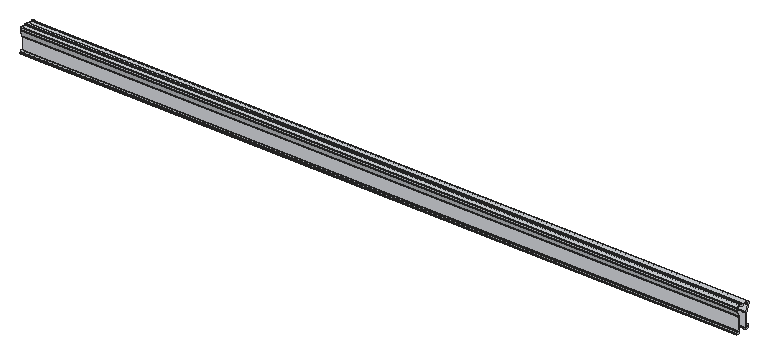
Revit family "54TSC4.00 16g Top Chord", category Structural Framing, Revit 2020
Family settings
  Section Shape = Not Defined
  Material for Model Behavior = Steel
  Always export as geometry = No
  OmniClass Number = 23.25.30.11.14.14
  OmniClass Title = Beams
  Always vertical = Yes
  Cut with Voids When Loaded = No
  Symbolic Representation = From Family
  Shared = No
  Show family pre-cut in plan views = Yes
Parameters
  Weight lbs per ft [instance] = 2.3976
  URL = "https://www.trussteel.com/details_files/pdf/ts008.pdf"
  Total Member Weight lbs [instance] = Length / 1' 0" * Weight lbs per ft  # 23.976
  Structural Material = ASTM A653 SS Grade 55 G90
  Steel Design Thickness (in) [instance] = 0.0566
  Model = "54TSC4.00"
  Manufacturer = "TrusSteel"
  Length [instance] = 10' - 0"
  Fy (ksi) [instance] = 55
  Fu (ksi) [instance] = 65
  Description = "Chord"
  Cross Section Area (in2) [instance] = 0.7052
  Beam Height = 0' - 4"
  Beam Width = 0' - 2 1/2"
Reference planes (in)
  plane 1 "Center (Front/Back)": y = 0
  plane 2 "Center El.": z = 0
  plane 3 "Center (Left/Right)": x = 0
  plane 4 "Left": x = -60
  plane 5 "Right": x = 60
Forms (in)
  Extrusion 1, solid
    sketch origin (0, 0, 0) x (0, 1, 0) y (0, 0, 1)
      loop
        arc (1.0994, -0.0566) -> (1.16587, -0.08413) -> (1.1934, -0.1506) r 0.094
        line (1.1934, -0.1506) -> (1.1934, -0.4139)
        arc (1.1934, -0.4139) -> (1.18581, -0.48641) -> (1.16336, -0.55577) r 0.35
        line (1.16336, -0.55577) -> (0.7849, -1.4093)
        arc (0.7849, -1.4093) -> (0.75882, -1.48988) -> (0.75, -1.57412) r 0.4066
        line (0.75, -1.57412) -> (0.75, -3.8834)
        arc (0.75, -3.8834) -> (0.78415, -3.96585) -> (0.8666, -4) r 0.1166
        line (0.8666, -4) -> (1.1334, -4)
        arc (1.1334, -4) -> (1.21585, -3.96585) -> (1.25, -3.8834) r 0.1166
        line (1.25, -3.8834) -> (1.25, -3.6166)
        arc (1.25, -3.6166) -> (1.21585, -3.53415) -> (1.1334, -3.5) r 0.1166
        line (1.1334, -3.5) -> (1, -3.5) -> (1, -3.5566) -> (1.1334, -3.5566)
        arc (1.1334, -3.5566) -> (1.17583, -3.57417) -> (1.1934, -3.6166) r 0.06
        line (1.1934, -3.6166) -> (1.1934, -3.8834)
        arc (1.1934, -3.8834) -> (1.17583, -3.92583) -> (1.1334, -3.9434) r 0.06
        line (1.1334, -3.9434) -> (0.8666, -3.9434)
        arc (0.8666, -3.9434) -> (0.82417, -3.92583) -> (0.8066, -3.8834) r 0.06
        line (0.8066, -3.8834) -> (0.8066, -1.57412)
        arc (0.8066, -1.57412) -> (0.81419, -1.50161) -> (0.83664, -1.43225) r 0.35
        line (0.83664, -1.43225) -> (1.2151, -0.57871)
        arc (1.2151, -0.57871) -> (1.24118, -0.49813) -> (1.25, -0.4139) r 0.4066
        line (1.25, -0.4139) -> (1.25, -0.1506)
        arc (1.25, -0.1506) -> (1.20589, -0.04411) -> (1.0994, 0) r 0.1506
        line (1.0994, 0) -> (0.2508, 0)
        arc (0.2508, 0) -> (0.19433, -0.01329) -> (0.14971, -0.05038) r 0.1266
        arc (0.14971, -0.05038) -> (0, -0.125) -> (-0.14971, -0.05038) r 0.1875
        arc (-0.14971, -0.05038) -> (-0.19433, -0.01329) -> (-0.2508, 0) r 0.1266
        line (-0.2508, 0) -> (-1.0994, 0)
        arc (-1.0994, 0) -> (-1.20589, -0.04411) -> (-1.25, -0.1506) r 0.1506
        line (-1.25, -0.1506) -> (-1.25, -0.4139)
        arc (-1.25, -0.4139) -> (-1.24118, -0.49813) -> (-1.2151, -0.57871) r 0.4066
        line (-1.2151, -0.57871) -> (-0.83664, -1.43225)
        arc (-0.83664, -1.43225) -> (-0.81419, -1.50161) -> (-0.8066, -1.57412) r 0.35
        line (-0.8066, -1.57412) -> (-0.8066, -3.8834)
        arc (-0.8066, -3.8834) -> (-0.82417, -3.92583) -> (-0.8666, -3.9434) r 0.06
        line (-0.8666, -3.9434) -> (-1.1334, -3.9434)
        arc (-1.1334, -3.9434) -> (-1.17583, -3.92583) -> (-1.1934, -3.8834) r 0.06
        line (-1.1934, -3.8834) -> (-1.1934, -3.6166)
        arc (-1.1934, -3.6166) -> (-1.17583, -3.57417) -> (-1.1334, -3.5566) r 0.06
        line (-1.1334, -3.5566) -> (-1, -3.5566) -> (-1, -3.5) -> (-1.1334, -3.5)
        arc (-1.1334, -3.5) -> (-1.21585, -3.53415) -> (-1.25, -3.6166) r 0.1166
        line (-1.25, -3.6166) -> (-1.25, -3.8834)
        arc (-1.25, -3.8834) -> (-1.21585, -3.96585) -> (-1.1334, -4) r 0.1166
        line (-1.1334, -4) -> (-0.8666, -4)
        arc (-0.8666, -4) -> (-0.78415, -3.96585) -> (-0.75, -3.8834) r 0.1166
        line (-0.75, -3.8834) -> (-0.75, -1.57412)
        arc (-0.75, -1.57412) -> (-0.75882, -1.48988) -> (-0.7849, -1.4093) r 0.4066
        line (-0.7849, -1.4093) -> (-1.16336, -0.55577)
        arc (-1.16336, -0.55577) -> (-1.18581, -0.48641) -> (-1.1934, -0.4139) r 0.35
        line (-1.1934, -0.4139) -> (-1.1934, -0.1506)
        arc (-1.1934, -0.1506) -> (-1.16587, -0.08413) -> (-1.0994, -0.0566) r 0.094
        line (-1.0994, -0.0566) -> (-0.2508, -0.0566)
        arc (-0.2508, -0.0566) -> (-0.21957, -0.06395) -> (-0.19491, -0.08446) r 0.07
        arc (-0.19491, -0.08446) -> (0, -0.1816) -> (0.19491, -0.08446) r 0.2441
        arc (0.19491, -0.08446) -> (0.21957, -0.06395) -> (0.2508, -0.0566) r 0.07
        line (0.2508, -0.0566) -> (1.0994, -0.0566)
    from -60 to 60
Dimensions and locks (in)
  equal spacing: plane 4 "Left", plane 3 "Center (Left/Right)", plane 5 "Right"
  "Length": plane 4 "Left" to plane 5 "Right"
  "Beam Width": Extrusion 1 to Extrusion 1
  "Beam Height": Extrusion 1 to Extrusion 1
  aligned and locked: level to plane 2 "Center El."
  aligned and locked: plane 4 "Left" to Extrusion 1
  aligned and locked: Extrusion 1 to plane 5 "Right"
Automatic sketch dimensions
  Extrusion 1 sketch curve to Extrusion 1 sketch curve = 0' - 0"  (x32)
  Extrusion 1 sketch curve to level = 0' - 0"  (x2)
  Extrusion 1 sketch curve to plane 1 "Center (Front/Back)" = 0' - 0"
  plane 1 "Center (Front/Back)" to Extrusion 1 sketch curve = 0' - 0.2508"
  plane 1 "Center (Front/Back)" to Extrusion 1 sketch curve = 0' - 0 3/4"
  Extrusion 1 sketch curve to Extrusion 1 sketch curve = 0' - 0.0349"  (x2)
  Extrusion 1 sketch curve to Extrusion 1 sketch curve = 0' - 0.0566"  (x2)
  Extrusion 1 sketch curve to Extrusion 1 sketch curve = 0' - 0.05174"  (x2)
  Extrusion 1 sketch curve to Extrusion 1 sketch curve = 0' - 0.5926"  (x2)
  Extrusion 1 sketch curve to Extrusion 1 sketch curve = 0' - 0.06"  (x4)
  Extrusion 1 sketch curve to Extrusion 1 sketch curve = 0' - 0.1334"  (x4)
  Extrusion 1 sketch curve to level = 0' - 0.0566"  (x2)
  Extrusion 1 sketch curve to Extrusion 1 sketch curve = 0' - 0.256"  (x2)
  Extrusion 1 sketch curve to Extrusion 1 sketch curve = 0' - 0.2668"  (x3)
  Extrusion 1 sketch curve to Extrusion 1 sketch curve = 0' - 0.35"
  Extrusion 1 sketch curve to level = 0' - 0.55577"  (x2)
  Extrusion 1 sketch curve to Extrusion 1 sketch curve = 0' - 0.31996"  (x2)
  Extrusion 1 sketch curve to Extrusion 1 sketch curve = 0' - 0.03004"  (x2)
  Extrusion 1 sketch curve to level = 0' - 0.57871"  (x2)
  Extrusion 1 sketch curve to plane 1 "Center (Front/Back)" = 0' - 0.2508"
  Extrusion 1 sketch curve to plane 1 "Center (Front/Back)" = 0' - 0 3/4"
  Extrusion 1 sketch curve to level = 0' - 0.1506"
  Extrusion 1 sketch curve to Extrusion 1 sketch curve = 0' - 0.85354"  (x2)
  Extrusion 1 sketch curve to Extrusion 1 sketch curve = 0' - 1.92588"  (x2)
  Extrusion 1 sketch curve to Extrusion 1 sketch curve = 0' - 0.3268"
  Extrusion 1 sketch curve to Extrusion 1 sketch curve = 0' - 0.07"  (x2)
  level to Extrusion 1 sketch curve = 0' - 0 1/16"
